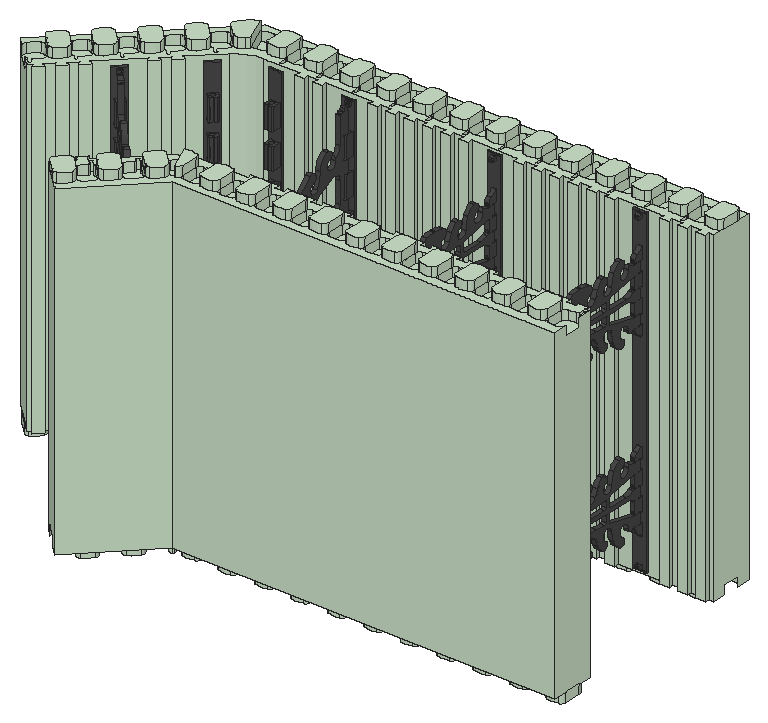
Revit family (continued)
Definition of nested family "NUDURA Diamond Pattern"
  Lines and regions (in)
    model lines
      curve 70: line (3.69709, -5.625, 11.85858) -> (3.35367, -5.625, 11.51517)
      curve 71: arc (4.17062, -5.625, 11.80178) -> (3.99384, -5.625, 11.875) -> (3.81706, -5.625, 11.80178) r 0.25
      curve 72: line (3.81706, -5.625, 11.80178) -> (3.44206, -5.625, 11.42678)
      curve 73: arc (3.44206, -5.625, 11.42678) -> (3.36884, -5.625, 11.25) -> (3.44206, -5.625, 11.07322) r 0.25
      curve 74: line (3.44206, -5.625, 11.07322) -> (3.81706, -5.625, 10.69822)
      curve 75: arc (3.81706, -5.625, 10.69822) -> (3.99384, -5.625, 10.625) -> (4.17062, -5.625, 10.69822) r 0.25
      curve 76: line (4.17062, -5.625, 10.69822) -> (4.54562, -5.625, 11.07322)
      curve 77: arc (4.54562, -5.625, 11.07322) -> (4.61884, -5.625, 11.25) -> (4.54562, -5.625, 11.42678) r 0.25
      curve 78: line (4.54562, -5.625, 11.42678) -> (4.17062, -5.625, 11.80178)
      curve 79: arc (3.69709, -5.625, 10.35858) -> (3.75567, -5.625, 10.5) -> (3.69709, -5.625, 10.64142) r 0.2
      curve 80: line (4.634, -5.625, 10.01517) -> (4.29059, -5.625, 10.35858)
      curve 81: arc (4.634, -5.625, 9.48484) -> (4.74384, -5.625, 9.75) -> (4.634, -5.625, 10.01517) r 0.375
      curve 82: line (4.29059, -5.625, 9.14142) -> (4.634, -5.625, 9.48484)
      curve 83: line (3.35367, -5.625, 9.48484) -> (3.69709, -5.625, 9.14142)
      curve 84: arc (3.35367, -5.625, 10.01517) -> (3.24384, -5.625, 9.75) -> (3.35367, -5.625, 9.48484) r 0.375
      curve 85: line (3.69709, -5.625, 10.35858) -> (3.35367, -5.625, 10.01517)
      curve 86: arc (4.17062, -5.625, 10.30178) -> (3.99384, -5.625, 10.375) -> (3.81706, -5.625, 10.30178) r 0.25
      curve 87: line (3.81706, -5.625, 10.30178) -> (3.44206, -5.625, 9.92678)
      curve 88: arc (3.44206, -5.625, 9.92678) -> (3.36884, -5.625, 9.75) -> (3.44206, -5.625, 9.57322) r 0.25
      curve 89: line (3.44206, -5.625, 9.57322) -> (3.81706, -5.625, 9.19822)
      curve 90: arc (3.81706, -5.625, 9.19822) -> (3.99384, -5.625, 9.125) -> (4.17062, -5.625, 9.19822) r 0.25
      curve 91: line (4.17062, -5.625, 9.19822) -> (4.54562, -5.625, 9.57322)
      curve 92: arc (4.54562, -5.625, 9.57322) -> (4.61884, -5.625, 9.75) -> (4.54562, -5.625, 9.92678) r 0.25
      curve 93: line (4.54562, -5.625, 9.92678) -> (4.17062, -5.625, 10.30178)
      curve 94: arc (3.69709, -5.625, 8.85858) -> (3.75567, -5.625, 9) -> (3.69709, -5.625, 9.14142) r 0.2
      curve 95: line (4.634, -5.625, 8.51517) -> (4.29059, -5.625, 8.85858)
      curve 96: arc (4.634, -5.625, 7.98484) -> (4.74384, -5.625, 8.25) -> (4.634, -5.625, 8.51517) r 0.375
      curve 97: line (4.29059, -5.625, 7.64142) -> (4.634, -5.625, 7.98484)
      curve 98: line (3.35367, -5.625, 7.98484) -> (3.69709, -5.625, 7.64142)
      curve 99: arc (3.35367, -5.625, 8.51517) -> (3.24384, -5.625, 8.25) -> (3.35367, -5.625, 7.98484) r 0.375
      curve 100: line (3.69709, -5.625, 8.85858) -> (3.35367, -5.625, 8.51517)
      curve 101: arc (4.17062, -5.625, 8.80178) -> (3.99384, -5.625, 8.875) -> (3.81706, -5.625, 8.80178) r 0.25
      curve 102: line (3.81706, -5.625, 8.80178) -> (3.44206, -5.625, 8.42678)
      curve 103: arc (3.44206, -5.625, 8.42678) -> (3.36884, -5.625, 8.25) -> (3.44206, -5.625, 8.07322) r 0.25
      curve 104: line (3.44206, -5.625, 8.07322) -> (3.81706, -5.625, 7.69822)
      curve 105: arc (3.81706, -5.625, 7.69822) -> (3.99384, -5.625, 7.625) -> (4.17062, -5.625, 7.69822) r 0.25
      curve 106: line (4.17062, -5.625, 7.69822) -> (4.54562, -5.625, 8.07322)
      curve 107: arc (4.54562, -5.625, 8.07322) -> (4.61884, -5.625, 8.25) -> (4.54562, -5.625, 8.42678) r 0.25
      curve 108: line (4.54562, -5.625, 8.42678) -> (4.17062, -5.625, 8.80178)
      curve 109: arc (3.69709, -5.625, 7.35858) -> (3.75567, -5.625, 7.5) -> (3.69709, -5.625, 7.64142) r 0.2
      curve 110: line (4.634, -5.625, 7.01517) -> (4.29059, -5.625, 7.35858)
      curve 111: arc (4.634, -5.625, 6.48484) -> (4.74384, -5.625, 6.75) -> (4.634, -5.625, 7.01517) r 0.375
      curve 112: line (4.29059, -5.625, 6.14142) -> (4.634, -5.625, 6.48484)
      curve 113: line (3.35367, -5.625, 6.48484) -> (3.69709, -5.625, 6.14142)
      curve 114: arc (3.35367, -5.625, 7.01517) -> (3.24384, -5.625, 6.75) -> (3.35367, -5.625, 6.48484) r 0.375
      curve 115: line (3.69709, -5.625, 7.35858) -> (3.35367, -5.625, 7.01517)
      curve 116: arc (4.17062, -5.625, 7.30178) -> (3.99384, -5.625, 7.375) -> (3.81706, -5.625, 7.30178) r 0.25
      curve 117: line (3.81706, -5.625, 7.30178) -> (3.44206, -5.625, 6.92678)
      curve 118: arc (3.44206, -5.625, 6.92678) -> (3.36884, -5.625, 6.75) -> (3.44206, -5.625, 6.57322) r 0.25
      curve 119: line (3.44206, -5.625, 6.57322) -> (3.81706, -5.625, 6.19822)
      curve 120: arc (3.81706, -5.625, 6.19822) -> (3.99384, -5.625, 6.125) -> (4.17062, -5.625, 6.19822) r 0.25
      curve 121: line (4.17062, -5.625, 6.19822) -> (4.54562, -5.625, 6.57322)
      curve 122: arc (4.54562, -5.625, 6.57322) -> (4.61884, -5.625, 6.75) -> (4.54562, -5.625, 6.92678) r 0.25
      curve 123: line (4.54562, -5.625, 6.92678) -> (4.17062, -5.625, 7.30178)
      curve 124: arc (3.69709, -5.625, 5.85858) -> (3.75567, -5.625, 6) -> (3.69709, -5.625, 6.14142) r 0.2
      curve 125: line (4.634, -5.625, 5.51517) -> (4.29059, -5.625, 5.85858)
      curve 126: arc (4.634, -5.625, 4.98484) -> (4.74384, -5.625, 5.25) -> (4.634, -5.625, 5.51517) r 0.375
      curve 127: line (4.29059, -5.625, 4.64142) -> (4.634, -5.625, 4.98484)
      curve 128: line (3.35367, -5.625, 4.98484) -> (3.69709, -5.625, 4.64142)
      curve 129: arc (3.35367, -5.625, 5.51517) -> (3.24384, -5.625, 5.25) -> (3.35367, -5.625, 4.98484) r 0.375
      curve 130: line (3.69709, -5.625, 5.85858) -> (3.35367, -5.625, 5.51517)
      curve 131: arc (4.17062, -5.625, 5.80178) -> (3.99384, -5.625, 5.875) -> (3.81706, -5.625, 5.80178) r 0.25
      curve 132: line (3.81706, -5.625, 5.80178) -> (3.44206, -5.625, 5.42678)
      curve 133: arc (3.44206, -5.625, 5.42678) -> (3.36884, -5.625, 5.25) -> (3.44206, -5.625, 5.07322) r 0.25
      curve 134: line (3.44206, -5.625, 5.07322) -> (3.81706, -5.625, 4.69822)
      curve 135: arc (3.81706, -5.625, 4.69822) -> (3.99384, -5.625, 4.625) -> (4.17062, -5.625, 4.69822) r 0.25
      curve 136: line (4.17062, -5.625, 4.69822) -> (4.54562, -5.625, 5.07322)
      curve 137: arc (4.54562, -5.625, 5.07322) -> (4.61884, -5.625, 5.25) -> (4.54562, -5.625, 5.42678) r 0.25
      curve 138: line (4.54562, -5.625, 5.42678) -> (4.17062, -5.625, 5.80178)
      curve 139: arc (3.69709, -5.625, 4.35858) -> (3.75567, -5.625, 4.5) -> (3.69709, -5.625, 4.64142) r 0.2
      curve 140: line (4.634, -5.625, 4.01517) -> (4.29059, -5.625, 4.35858)
      curve 141: arc (4.634, -5.625, 3.48484) -> (4.74384, -5.625, 3.75) -> (4.634, -5.625, 4.01517) r 0.375
      curve 142: line (4.29059, -5.625, 3.14142) -> (4.634, -5.625, 3.48484)
      curve 143: line (3.35367, -5.625, 3.48484) -> (3.69709, -5.625, 3.14142)
      curve 144: arc (3.35367, -5.625, 4.01517) -> (3.24384, -5.625, 3.75) -> (3.35367, -5.625, 3.48484) r 0.375
      curve 145: line (3.69709, -5.625, 4.35858) -> (3.35367, -5.625, 4.01517)
      curve 146: arc (4.17062, -5.625, 4.30178) -> (3.99384, -5.625, 4.375) -> (3.81706, -5.625, 4.30178) r 0.25
      curve 147: line (3.81706, -5.625, 4.30178) -> (3.44206, -5.625, 3.92678)
      curve 148: arc (3.44206, -5.625, 3.92678) -> (3.36884, -5.625, 3.75) -> (3.44206, -5.625, 3.57322) r 0.25
      curve 149: line (3.44206, -5.625, 3.57322) -> (3.81706, -5.625, 3.19822)
      curve 150: arc (3.81706, -5.625, 3.19822) -> (3.99384, -5.625, 3.125) -> (4.17062, -5.625, 3.19822) r 0.25
      curve 151: line (4.17062, -5.625, 3.19822) -> (4.54562, -5.625, 3.57322)
      curve 152: arc (4.54562, -5.625, 3.57322) -> (4.61884, -5.625, 3.75) -> (4.54562, -5.625, 3.92678) r 0.25
      curve 153: line (4.54562, -5.625, 3.92678) -> (4.17062, -5.625, 4.30178)
      curve 154: arc (3.69709, -5.625, 2.85858) -> (3.75567, -5.625, 3) -> (3.69709, -5.625, 3.14142) r 0.2
      curve 155: line (4.634, -5.625, 2.51517) -> (4.29059, -5.625, 2.85858)
      curve 156: arc (4.634, -5.625, 1.98484) -> (4.74384, -5.625, 2.25) -> (4.634, -5.625, 2.51517) r 0.375
      curve 157: line (4.29059, -5.625, 1.64142) -> (4.634, -5.625, 1.98484)
      curve 158: line (3.35367, -5.625, 1.98484) -> (3.69709, -5.625, 1.64142)
      curve 159: arc (3.35367, -5.625, 2.51517) -> (3.24384, -5.625, 2.25) -> (3.35367, -5.625, 1.98484) r 0.375
      curve 160: line (3.69709, -5.625, 2.85858) -> (3.35367, -5.625, 2.51517)
      curve 161: arc (4.17062, -5.625, 2.80178) -> (3.99384, -5.625, 2.875) -> (3.81706, -5.625, 2.80178) r 0.25
      curve 162: line (3.81706, -5.625, 2.80178) -> (3.44206, -5.625, 2.42678)
      curve 163: arc (3.44206, -5.625, 2.42678) -> (3.36884, -5.625, 2.25) -> (3.44206, -5.625, 2.07322) r 0.25
      curve 164: line (3.44206, -5.625, 2.07322) -> (3.81706, -5.625, 1.69822)
      curve 165: arc (3.81706, -5.625, 1.69822) -> (3.99384, -5.625, 1.625) -> (4.17062, -5.625, 1.69822) r 0.25
      curve 166: line (4.17062, -5.625, 1.69822) -> (4.54562, -5.625, 2.07322)
      curve 167: arc (4.54562, -5.625, 2.07322) -> (4.61884, -5.625, 2.25) -> (4.54562, -5.625, 2.42678) r 0.25
      curve 168: line (4.54562, -5.625, 2.42678) -> (4.17062, -5.625, 2.80178)
      curve 169: arc (3.69709, -5.625, 1.35858) -> (3.75567, -5.625, 1.5) -> (3.69709, -5.625, 1.64142) r 0.2
      curve 170: line (3.69709, -5.625, 1.35858) -> (3.35367, -5.625, 1.01517)
      curve 171: arc (3.35367, -5.625, 1.01517) -> (3.24384, -5.625, 0.75) -> (3.35367, -5.625, 0.48484) r 0.375
      curve 172: line (3.35367, -5.625, 0.48484) -> (3.72867, -5.625, 0.10984)
      curve 173: arc (3.72867, -5.625, 0.10984) -> (3.99384, -5.625, 0) -> (4.259, -5.625, 0.10984) r 0.375
      curve 174: line (4.259, -5.625, 0.10984) -> (4.634, -5.625, 0.48484)
      curve 175: arc (4.634, -5.625, 0.48484) -> (4.74384, -5.625, 0.75) -> (4.634, -5.625, 1.01517) r 0.375
      curve 176: line (4.634, -5.625, 1.01517) -> (4.29059, -5.625, 1.35858)
      curve 177: arc (4.29059, -5.625, 1.64142) -> (4.23201, -5.625, 1.5) -> (4.29059, -5.625, 1.35858) r 0.2
      curve 178: arc (4.17062, -5.625, 1.30178) -> (3.99384, -5.625, 1.375) -> (3.81706, -5.625, 1.30178) r 0.25
      curve 179: line (4.54562, -5.625, 0.92678) -> (4.17062, -5.625, 1.30178)
      curve 180: arc (4.54562, -5.625, 0.57322) -> (4.61884, -5.625, 0.75) -> (4.54562, -5.625, 0.92678) r 0.25
      curve 181: line (4.17062, -5.625, 0.19822) -> (4.54562, -5.625, 0.57322)
      curve 182: arc (3.81706, -5.625, 0.19822) -> (3.99384, -5.625, 0.125) -> (4.17062, -5.625, 0.19822) r 0.25
      curve 183: line (3.44206, -5.625, 0.57322) -> (3.81706, -5.625, 0.19822)
      curve 184: arc (3.44206, -5.625, 0.92678) -> (3.36884, -5.625, 0.75) -> (3.44206, -5.625, 0.57322) r 0.25
      curve 185: line (3.81706, -5.625, 1.30178) -> (3.44206, -5.625, 0.92678)
      curve 186: arc (4.29059, -5.625, 3.14142) -> (4.23201, -5.625, 3) -> (4.29059, -5.625, 2.85858) r 0.2
      curve 187: arc (4.29059, -5.625, 4.64142) -> (4.23201, -5.625, 4.5) -> (4.29059, -5.625, 4.35858) r 0.2
      curve 188: arc (4.29059, -5.625, 6.14142) -> (4.23201, -5.625, 6) -> (4.29059, -5.625, 5.85858) r 0.2
      curve 189: arc (4.29059, -5.625, 7.64142) -> (4.23201, -5.625, 7.5) -> (4.29059, -5.625, 7.35858) r 0.2
      curve 190: arc (4.29059, -5.625, 9.14142) -> (4.23201, -5.625, 9) -> (4.29059, -5.625, 8.85858) r 0.2
      curve 191: arc (4.29059, -5.625, 10.64142) -> (4.23201, -5.625, 10.5) -> (4.29059, -5.625, 10.35858) r 0.2
      curve 192: arc (4.29059, -5.625, 12.14142) -> (4.23201, -5.625, 12) -> (4.29059, -5.625, 11.85858) r 0.2
      curve 193: arc (4.29059, -5.625, 13.64142) -> (4.23201, -5.625, 13.5) -> (4.29059, -5.625, 13.35858) r 0.2
      curve 194: arc (4.29059, -5.625, 15.14142) -> (4.23201, -5.625, 15) -> (4.29059, -5.625, 14.85858) r 0.2
      curve 195: arc (4.29059, -5.625, 16.64142) -> (4.23201, -5.625, 16.5) -> (4.29059, -5.625, 16.35858) r 0.2
Definition of nested family "NUDURA Logo Diamond"
  Reference planes (in)
    plane 1 "Center (Front/Back)": y = 0
    plane 2: z = 0
    plane 3 "Center (Left/Right)": x = 0
  Lines and regions (in)
    model lines
      curve 1: line (12.59848, 0, 17.50104) -> (12.24492, 0, 17.85459)
      curve 2: line (12.36113, 0, 16.76872) -> (12.59848, 0, 17.00607)
      curve 3: line (12.59848, 0, 16.00104) -> (12.36113, 0, 16.23839)
      curve 4: line (12.36113, 0, 15.26872) -> (12.59848, 0, 15.50607)
      curve 5: line (12.59848, 0, 14.50104) -> (12.36113, 0, 14.73839)
      curve 6: line (12.36113, 0, 13.76872) -> (12.59848, 0, 14.00607)
      curve 7: line (12.17421, 0, 13.28388) -> (12.71208, 0, 12.74602)
      curve 8: line (12.71208, 0, 12.74602) -> (12.78279, 0, 12.81673)
      curve 9: line (11.28279, 0, 12.74602) -> (11.82066, 0, 13.28388)
      curve 10: line (11.63374, 0, 13.23839) -> (11.21208, 0, 12.81673)
      curve 11: line (11.3964, 0, 14.00607) -> (11.63374, 0, 13.76872)
      curve 12: line (11.63374, 0, 14.73839) -> (11.3964, 0, 14.50104)
      curve 13: line (11.3964, 0, 15.50607) -> (11.63374, 0, 15.26872)
      curve 14: line (11.63374, 0, 16.23839) -> (11.3964, 0, 16.00104)
      curve 15: line (11.3964, 0, 17.00607) -> (11.63374, 0, 16.76872)
      curve 16: line (11.74995, 0, 17.85459) -> (11.3964, 0, 17.50104)
      curve 17: line (11.82066, 0, 17.78388) -> (11.46711, 0, 17.43033)
      curve 18: line (12.52777, 0, 17.43033) -> (12.17421, 0, 17.78388)
      curve 19: line (12.17421, 0, 16.72322) -> (12.52777, 0, 17.07678)
      curve 20: line (11.46711, 0, 17.07678) -> (11.82066, 0, 16.72322)
      curve 21: arc (11.3964, 0, 17.50104) -> (11.29388, 0, 17.25355) -> (11.3964, 0, 17.00607) r 0.35
      curve 22: arc (11.74995, 0, 17.85459) -> (11.99744, 0, 17.95711) -> (12.24492, 0, 17.85459) r 0.35
      curve 23: arc (11.46711, 0, 17.43033) -> (11.39388, 0, 17.25355) -> (11.46711, 0, 17.07678) r 0.25
      curve 24: arc (12.52777, 0, 17.43033) -> (12.60099, 0, 17.25355) -> (12.52777, 0, 17.07678) r 0.25
      curve 25: arc (12.17421, 0, 16.72322) -> (11.99744, 0, 16.65) -> (11.82066, 0, 16.72322) r 0.25
      curve 26: arc (11.82066, 0, 17.78388) -> (11.99744, 0, 17.85711) -> (12.17421, 0, 17.78388) r 0.25
      curve 27: arc (12.59848, 0, 17.50104) -> (12.70099, 0, 17.25355) -> (12.59848, 0, 17.00607) r 0.35
      curve 28: arc (11.63374, 0, 16.76872) -> (11.74358, 0, 16.50355) -> (11.63374, 0, 16.23839) r 0.375
      curve 29: arc (12.36113, 0, 16.76872) -> (12.2513, 0, 16.50355) -> (12.36113, 0, 16.23839) r 0.375
      curve 30: line (12.36113, 0, 15.26872) -> (12.59848, 0, 15.50607)
      curve 31: line (11.3964, 0, 15.50607) -> (11.63374, 0, 15.26872)
      curve 32: line (11.82066, 0, 16.28388) -> (11.46711, 0, 15.93033)
      curve 33: line (12.52777, 0, 15.93033) -> (12.17421, 0, 16.28388)
      curve 34: line (12.17421, 0, 15.22322) -> (12.52777, 0, 15.57678)
      curve 35: line (11.46711, 0, 15.57678) -> (11.82066, 0, 15.22322)
      curve 36: arc (11.3964, 0, 16.00104) -> (11.29388, 0, 15.75355) -> (11.3964, 0, 15.50607) r 0.35
      curve 37: arc (11.46711, 0, 15.93033) -> (11.39388, 0, 15.75355) -> (11.46711, 0, 15.57678) r 0.25
      curve 38: arc (12.52777, 0, 15.93033) -> (12.60099, 0, 15.75355) -> (12.52777, 0, 15.57678) r 0.25
      curve 39: arc (12.17421, 0, 15.22322) -> (11.99744, 0, 15.15) -> (11.82066, 0, 15.22322) r 0.25
      curve 40: arc (11.82066, 0, 16.28388) -> (11.99744, 0, 16.35711) -> (12.17421, 0, 16.28388) r 0.25
      curve 41: arc (12.59848, 0, 16.00104) -> (12.70099, 0, 15.75355) -> (12.59848, 0, 15.50607) r 0.35
      curve 42: line (11.63374, 0, 16.23839) -> (11.3964, 0, 16.00104)
      curve 43: line (12.59848, 0, 16.00104) -> (12.36113, 0, 16.23839)
      curve 44: arc (11.63374, 0, 15.26872) -> (11.74358, 0, 15.00355) -> (11.63374, 0, 14.73839) r 0.375
      curve 45: arc (12.36113, 0, 15.26872) -> (12.2513, 0, 15.00355) -> (12.36113, 0, 14.73839) r 0.375
      curve 46: line (12.36113, 0, 13.76872) -> (12.59848, 0, 14.00607)
      curve 47: line (11.3964, 0, 14.00607) -> (11.63374, 0, 13.76872)
      curve 48: line (11.82066, 0, 14.78388) -> (11.46711, 0, 14.43033)
      curve 49: line (12.52777, 0, 14.43033) -> (12.17421, 0, 14.78388)
      curve 50: line (12.17421, 0, 13.72322) -> (12.52777, 0, 14.07678)
      curve 51: line (11.46711, 0, 14.07678) -> (11.82066, 0, 13.72322)
      curve 52: arc (11.3964, 0, 14.50104) -> (11.29388, 0, 14.25355) -> (11.3964, 0, 14.00607) r 0.35
      curve 53: arc (11.46711, 0, 14.43033) -> (11.39388, 0, 14.25355) -> (11.46711, 0, 14.07678) r 0.25
      curve 54: arc (12.52777, 0, 14.43033) -> (12.60099, 0, 14.25355) -> (12.52777, 0, 14.07678) r 0.25
      curve 55: arc (12.17421, 0, 13.72322) -> (11.99744, 0, 13.65) -> (11.82066, 0, 13.72322) r 0.25
      curve 56: arc (11.82066, 0, 14.78388) -> (11.99744, 0, 14.85711) -> (12.17421, 0, 14.78388) r 0.25
      curve 57: arc (12.59848, 0, 14.50104) -> (12.70099, 0, 14.25355) -> (12.59848, 0, 14.00607) r 0.35
      curve 58: line (11.63374, 0, 14.73839) -> (11.3964, 0, 14.50104)
      curve 59: arc (11.63374, 0, 13.76872) -> (11.74358, 0, 13.50355) -> (11.63374, 0, 13.23839) r 0.375
      curve 60: arc (12.36113, 0, 13.76872) -> (12.2513, 0, 13.50355) -> (12.36113, 0, 13.23839) r 0.375
      curve 61: line (12.78279, 0, 12.81673) -> (12.36113, 0, 13.23839)
      curve 62: line (11.21208, 0, 12.81673) -> (11.28279, 0, 12.74602)
      curve 63: arc (11.82066, 0, 13.28388) -> (11.99744, 0, 13.35711) -> (12.17421, 0, 13.28388) r 0.25
      curve 64: line (12.59848, 0, 0.50607) -> (12.24492, 0, 0.15251)
      curve 65: line (12.36113, 0, 1.23839) -> (12.59848, 0, 1.00104)
      curve 66: line (12.59848, 0, 2.00607) -> (12.36113, 0, 1.76872)
      curve 67: line (12.36113, 0, 2.73839) -> (12.59848, 0, 2.50104)
      curve 68: line (12.59848, 0, 3.50607) -> (12.36113, 0, 3.26872)
      curve 69: line (12.36113, 0, 4.23839) -> (12.59848, 0, 4.00104)
      curve 70: line (12.17421, 0, 4.72322) -> (12.71208, 0, 5.26109)
      curve 71: line (12.71208, 0, 5.26109) -> (12.78279, 0, 5.19038)
      curve 72: line (11.28279, 0, 5.26109) -> (11.82066, 0, 4.72322)
      curve 73: line (11.63374, 0, 4.76872) -> (11.21208, 0, 5.19038)
      curve 74: line (11.3964, 0, 4.00104) -> (11.63374, 0, 4.23839)
      curve 75: line (11.63374, 0, 3.26872) -> (11.3964, 0, 3.50607)
      curve 76: line (11.3964, 0, 2.50104) -> (11.63374, 0, 2.73839)
      curve 77: line (11.63374, 0, 1.76872) -> (11.3964, 0, 2.00607)
      curve 78: line (11.3964, 0, 1.00104) -> (11.63374, 0, 1.23839)
      curve 79: line (11.74995, 0, 0.15251) -> (11.3964, 0, 0.50607)
      curve 80: line (11.82066, 0, 0.22322) -> (11.46711, 0, 0.57678)
      curve 81: line (12.52777, 0, 0.57678) -> (12.17421, 0, 0.22322)
      curve 82: line (12.17421, 0, 1.28388) -> (12.52777, 0, 0.93033)
      curve 83: line (11.46711, 0, 0.93033) -> (11.82066, 0, 1.28388)
      curve 84: arc (11.3964, 0, 0.50607) -> (11.29388, 0, 0.75355) -> (11.3964, 0, 1.00104) r 0.35
      curve 85: arc (11.74995, 0, 0.15251) -> (11.99744, 0, 0.05) -> (12.24492, 0, 0.15251) r 0.35
      curve 86: arc (11.46711, 0, 0.57678) -> (11.39388, 0, 0.75355) -> (11.46711, 0, 0.93033) r 0.25
      curve 87: arc (12.52777, 0, 0.57678) -> (12.60099, 0, 0.75355) -> (12.52777, 0, 0.93033) r 0.25
      curve 88: arc (12.17421, 0, 1.28388) -> (11.99744, 0, 1.35711) -> (11.82066, 0, 1.28388) r 0.25
      curve 89: arc (11.82066, 0, 0.22322) -> (11.99744, 0, 0.15) -> (12.17421, 0, 0.22322) r 0.25
      curve 90: arc (12.59848, 0, 0.50607) -> (12.70099, 0, 0.75355) -> (12.59848, 0, 1.00104) r 0.35
      curve 91: arc (11.63374, 0, 1.23839) -> (11.74358, 0, 1.50355) -> (11.63374, 0, 1.76872) r 0.375
      curve 92: arc (12.36113, 0, 1.23839) -> (12.2513, 0, 1.50355) -> (12.36113, 0, 1.76872) r 0.375
      curve 93: line (12.36113, 0, 2.73839) -> (12.59848, 0, 2.50104)
      curve 94: line (11.3964, 0, 2.50104) -> (11.63374, 0, 2.73839)
      curve 95: line (11.82066, 0, 1.72322) -> (11.46711, 0, 2.07678)
      curve 96: line (12.52777, 0, 2.07678) -> (12.17421, 0, 1.72322)
      curve 97: line (12.17421, 0, 2.78388) -> (12.52777, 0, 2.43033)
      curve 98: line (11.46711, 0, 2.43033) -> (11.82066, 0, 2.78388)
      curve 99: arc (11.3964, 0, 2.00607) -> (11.29388, 0, 2.25355) -> (11.3964, 0, 2.50104) r 0.35
      curve 100: arc (11.46711, 0, 2.07678) -> (11.39388, 0, 2.25355) -> (11.46711, 0, 2.43033) r 0.25
      curve 101: arc (12.52777, 0, 2.07678) -> (12.60099, 0, 2.25355) -> (12.52777, 0, 2.43033) r 0.25
      curve 102: arc (12.17421, 0, 2.78388) -> (11.99744, 0, 2.85711) -> (11.82066, 0, 2.78388) r 0.25
      curve 103: arc (11.82066, 0, 1.72322) -> (11.99744, 0, 1.65) -> (12.17421, 0, 1.72322) r 0.25
      curve 104: arc (12.59848, 0, 2.00607) -> (12.70099, 0, 2.25355) -> (12.59848, 0, 2.50104) r 0.35
      curve 105: line (11.63374, 0, 1.76872) -> (11.3964, 0, 2.00607)
      curve 106: line (12.59848, 0, 2.00607) -> (12.36113, 0, 1.76872)
      curve 107: arc (11.63374, 0, 2.73839) -> (11.74358, 0, 3.00355) -> (11.63374, 0, 3.26872) r 0.375
      curve 108: arc (12.36113, 0, 2.73839) -> (12.2513, 0, 3.00355) -> (12.36113, 0, 3.26872) r 0.375
      curve 109: line (12.36113, 0, 4.23839) -> (12.59848, 0, 4.00104)
      curve 110: line (11.3964, 0, 4.00104) -> (11.63374, 0, 4.23839)
      curve 111: line (11.82066, 0, 3.22322) -> (11.46711, 0, 3.57678)
      curve 112: line (12.52777, 0, 3.57678) -> (12.17421, 0, 3.22322)
      curve 113: line (12.17421, 0, 4.28388) -> (12.52777, 0, 3.93033)
      curve 114: line (11.46711, 0, 3.93033) -> (11.82066, 0, 4.28388)
      curve 115: arc (11.3964, 0, 3.50607) -> (11.29388, 0, 3.75355) -> (11.3964, 0, 4.00104) r 0.35
      curve 116: arc (11.46711, 0, 3.57678) -> (11.39388, 0, 3.75355) -> (11.46711, 0, 3.93033) r 0.25
      curve 117: arc (12.52777, 0, 3.57678) -> (12.60099, 0, 3.75355) -> (12.52777, 0, 3.93033) r 0.25
      curve 118: arc (12.17421, 0, 4.28388) -> (11.99744, 0, 4.35711) -> (11.82066, 0, 4.28388) r 0.25
      curve 119: arc (11.82066, 0, 3.22322) -> (11.99744, 0, 3.15) -> (12.17421, 0, 3.22322) r 0.25
      curve 120: arc (12.59848, 0, 3.50607) -> (12.70099, 0, 3.75355) -> (12.59848, 0, 4.00104) r 0.35
      curve 121: line (11.63374, 0, 3.26872) -> (11.3964, 0, 3.50607)
      curve 122: arc (11.63374, 0, 4.23839) -> (11.74358, 0, 4.50355) -> (11.63374, 0, 4.76872) r 0.375
      curve 123: arc (12.36113, 0, 4.23839) -> (12.2513, 0, 4.50355) -> (12.36113, 0, 4.76872) r 0.375
      curve 124: line (12.78279, 0, 5.19038) -> (12.36113, 0, 4.76872)
      curve 125: line (11.21208, 0, 5.19038) -> (11.28279, 0, 5.26109)
      curve 126: arc (11.82066, 0, 4.72322) -> (11.99744, 0, 4.65) -> (12.17421, 0, 4.72322) r 0.25
      curve 127: line (12.37244, 0, 12.50355) -> (11.62244, 0, 12.50355)
      curve 128: line (12.74744, 0, 5.87855) -> (12.74744, 0, 12.12855)
      curve 129: line (11.24744, 0, 12.12855) -> (11.24744, 0, 5.87855)
      curve 130: line (11.62244, 0, 5.50355) -> (12.37244, 0, 5.50355)
      curve 131: line (12.47232, 0, 12.00355) -> (12.0393, 0, 12.25355)
      curve 132: line (12.47232, 0, 11.50355) -> (12.47232, 0, 12.00355)
      curve 133: line (12.25581, 0, 11.37855) -> (12.47232, 0, 11.50355)
      curve 134: line (12.02256, 0, 11.51322) -> (12.25581, 0, 11.37855)
      curve 135: line (12.22232, 0, 11.62855) -> (12.02256, 0, 11.51322)
      curve 136: line (11.80605, 0, 12.11888) -> (12.22232, 0, 11.87855)
      curve 137: line (12.22232, 0, 11.87855) -> (12.22232, 0, 11.62855)
      curve 138: line (12.0393, 0, 12.25355) -> (11.80605, 0, 12.11888)
      curve 139: line (11.77256, 0, 11.63822) -> (11.97232, 0, 11.75355)
      curve 140: line (11.97232, 0, 11.75355) -> (11.73906, 0, 11.88822)
      curve 141: line (11.73906, 0, 11.88822) -> (11.52256, 0, 11.76322)
      curve 142: line (11.52256, 0, 11.76322) -> (11.52256, 0, 11.26322)
      curve 143: line (11.77256, 0, 11.38822) -> (11.77256, 0, 11.63822)
      curve 144: line (12.18882, 0, 11.14789) -> (11.77256, 0, 11.38822)
      curve 145: line (11.95557, 0, 11.01322) -> (12.18882, 0, 11.14789)
      curve 146: line (11.52256, 0, 11.26322) -> (11.95557, 0, 11.01322)
      curve 147: line (12.31108, 0, 10.60411) -> (11.68379, 0, 10.74458)
      curve 148: line (11.68379, 0, 10.74458) -> (11.68379, 0, 10.51321)
      curve 149: line (11.68379, 0, 10.51321) -> (12.1295, 0, 10.41405)
      curve 150: line (12.1295, 0, 10.41405) -> (11.68379, 0, 10.27358)
      curve 151: line (11.68379, 0, 10.27358) -> (11.68379, 0, 9.8852)
      curve 152: line (11.68379, 0, 9.8852) -> (12.17077, 0, 9.77615)
      curve 153: line (12.17077, 0, 9.77615) -> (12.17077, 0, 9.74472)
      curve 154: line (12.17077, 0, 9.74472) -> (11.86146, 0, 9.80279)
      curve 155: line (11.68379, 0, 9.65536) -> (11.68379, 0, 9.35864)
      curve 156: line (12.07077, 0, 8.74385) -> (12.07077, 0, 8.99996)
      curve 157: line (12.07077, 0, 8.99996) -> (11.68379, 0, 9.08605)
      curve 158: line (11.68379, 0, 9.08605) -> (11.68379, 0, 8.47809)
      curve 159: line (11.91823, 0, 9.06589) -> (12.31108, 0, 8.97792)
      curve 160: line (11.82444, 0, 8.55476) -> (11.82444, 0, 8.79865)
      curve 161: line (11.82444, 0, 8.79865) -> (12.07077, 0, 8.74385)
      curve 162: line (11.68379, 0, 8.07193) -> (11.68379, 0, 7.77522)
      curve 163: line (11.91823, 0, 7.48247) -> (12.21108, 0, 7.41688)
      curve 164: line (12.21108, 0, 7.41688) -> (12.21108, 0, 6.95405)
      curve 165: line (12.16108, 0, 6.90405) -> (12.12077, 0, 6.90405)
      curve 166: line (12.07077, 0, 6.95405) -> (12.07077, 0, 7.08675)
      curve 167: line (12.07077, 0, 7.08675) -> (12.12077, 0, 7.07556)
      curve 168: line (12.12077, 0, 7.07556) -> (12.12077, 0, 7.33463)
      curve 169: line (12.12077, 0, 7.33463) -> (11.68379, 0, 7.43249)
      curve 170: line (11.68379, 0, 7.43249) -> (11.68379, 0, 7.17341)
      curve 171: line (11.68379, 0, 7.17341) -> (11.97077, 0, 7.10915)
      curve 172: line (11.97077, 0, 7.10915) -> (11.97077, 0, 6.99425)
      curve 173: line (11.92077, 0, 6.94425) -> (11.68379, 0, 6.94425)
      curve 174: line (11.68379, 0, 6.94425) -> (11.68379, 0, 6.45682)
      curve 175: line (11.68379, 0, 6.45682) -> (11.78284, 0, 6.38658)
      curve 176: line (11.78284, 0, 6.38658) -> (11.78284, 0, 6.05178)
      curve 177: line (12.12371, 0, 6.14486) -> (11.88284, 0, 6.31567)
      curve 178: line (11.88284, 0, 6.31567) -> (11.88284, 0, 6.07909)
      curve 179: line (11.88284, 0, 6.07909) -> (12.12371, 0, 6.14486)
      curve 180: line (11.78284, 0, 6.05178) -> (11.68379, 0, 6.02474)
      curve 181: line (11.68379, 0, 6.02474) -> (11.68379, 0, 5.75355)
      curve 182: line (11.68379, 0, 5.75355) -> (12.31108, 0, 5.92483)
      curve 183: line (12.31108, 0, 5.92483) -> (12.31108, 0, 6.28791)
      curve 184: line (12.31108, 0, 6.28791) -> (11.76249, 0, 6.67694)
      curve 185: line (11.76249, 0, 6.67694) -> (11.90321, 0, 6.67694)
      curve 186: line (12.31108, 0, 6.78674) -> (12.31108, 0, 7.63562)
      curve 187: line (12.31108, 0, 7.63562) -> (11.90258, 0, 7.7271)
      curve 188: line (11.82444, 0, 7.82469) -> (11.82444, 0, 7.92839)
      curve 189: line (11.88536, 0, 7.97718) -> (12.31108, 0, 7.88185)
      curve 190: line (12.31108, 0, 7.88185) -> (12.31108, 0, 8.13496)
      curve 191: line (12.31108, 0, 8.13496) -> (12.08042, 0, 8.17826)
      curve 192: line (12.31108, 0, 8.38353) -> (12.31108, 0, 8.9465)
      curve 193: line (12.31108, 0, 8.9465) -> (12.17077, 0, 8.97771)
      curve 194: line (12.17077, 0, 8.97771) -> (12.17077, 0, 8.55476)
      curve 195: line (12.31108, 0, 8.97792) -> (12.31108, 0, 9.21905)
      curve 196: line (12.31108, 0, 9.21905) -> (11.90258, 0, 9.31053)
      curve 197: line (11.82444, 0, 9.40811) -> (11.82444, 0, 9.51182)
      curve 198: line (11.87938, 0, 9.56195) -> (12.31108, 0, 9.46528)
      curve 199: line (12.31108, 0, 9.46528) -> (12.31108, 0, 9.98469)
      curve 200: line (12.31108, 0, 9.98469) -> (11.90664, 0, 10.07526)
      curve 201: line (11.90664, 0, 10.07526) -> (12.31108, 0, 10.20747)
      curve 202: line (12.31108, 0, 10.20747) -> (12.31108, 0, 10.60411)
      curve 203: arc (11.68379, 0, 9.65536) -> (11.73801, 0, 9.7708) -> (11.86146, 0, 9.80279) r 0.15
      curve 204: arc (11.68379, 0, 9.35864) -> (11.74962, 0, 9.17112) -> (11.91823, 0, 9.06589) r 0.3
      curve 205: arc (11.84417, 0, 8.22149) -> (11.72718, 0, 8.32679) -> (11.68379, 0, 8.47809) r 0.28547
      curve 206: arc (11.68379, 0, 8.07193) -> (11.73147, 0, 8.18158) -> (11.84417, 0, 8.22149) r 0.14992
      curve 207: arc (11.68379, 0, 7.77522) -> (11.74962, 0, 7.58769) -> (11.91823, 0, 7.48247) r 0.3
      curve 208: arc (11.82444, 0, 7.82469) -> (11.84638, 0, 7.76218) -> (11.90258, 0, 7.7271) r 0.1
      curve 209: arc (11.82444, 0, 7.92839) -> (11.84318, 0, 7.96742) -> (11.88536, 0, 7.97718) r 0.05
      curve 210: arc (12.12077, 0, 6.90405) -> (12.08541, 0, 6.91869) -> (12.07077, 0, 6.95405) r 0.05
      curve 211: arc (12.16108, 0, 6.90405) -> (12.19644, 0, 6.91869) -> (12.21108, 0, 6.95405) r 0.05
      curve 212: arc (11.97077, 0, 6.99425) -> (11.95612, 0, 6.95889) -> (11.92077, 0, 6.94425) r 0.05
      curve 213: arc (11.90321, 0, 6.67694) -> (11.96756, 0, 6.70069) -> (12.00104, 0, 6.76055) r 0.09904
      curve 214: arc (12.00104, 0, 6.76055) -> (12.1681, 0, 6.63117) -> (12.31108, 0, 6.78674) r 0.15613
      curve 215: arc (12.08042, 0, 8.17826) -> (12.24181, 0, 8.22914) -> (12.31108, 0, 8.38353) r 0.20667
      curve 216: arc (11.82444, 0, 8.55476) -> (11.9976, 0, 8.3816) -> (12.17077, 0, 8.55476) r 0.17317
      curve 217: arc (11.82444, 0, 9.40811) -> (11.84638, 0, 9.34561) -> (11.90258, 0, 9.31053) r 0.1
      curve 218: arc (11.82444, 0, 9.51182) -> (11.8459, 0, 9.55306) -> (11.892, 0, 9.55913) r 0.05034
      curve 219: arc (11.24744, 0, 12.12855) -> (11.35727, 0, 12.39372) -> (11.62244, 0, 12.50355) r 0.375
      curve 220: arc (12.37244, 0, 12.50355) -> (12.6376, 0, 12.39372) -> (12.74744, 0, 12.12855) r 0.375
      curve 221: arc (11.24744, 0, 5.87855) -> (11.35727, 0, 5.61339) -> (11.62244, 0, 5.50355) r 0.375
      curve 222: arc (12.37244, 0, 5.50355) -> (12.6376, 0, 5.61339) -> (12.74744, 0, 5.87855) r 0.375
      curve 223: line (9.99744, 0, 18) -> (9.99744, 0, 0)
      curve 224: line (13.99744, 0, 18) -> (13.99744, 0, 0)
      curve 225: line (15.99744, 0, 18) -> (15.99744, 0, 0)
Definition of nested family "NUDURA Logo Diamond Missing Outside Line"
  Reference planes (in)
    plane 1 "Center (Front/Back)": y = 0
    plane 2: z = 0
    plane 3 "Center (Left/Right)": x = 0
  Lines and regions (in)
    model lines
      curve 1: line (12.59848, 0, 17.50104) -> (12.24492, 0, 17.85459)
      curve 2: line (12.36113, 0, 16.76872) -> (12.59848, 0, 17.00607)
      curve 3: line (12.59848, 0, 16.00104) -> (12.36113, 0, 16.23839)
      curve 4: line (12.36113, 0, 15.26872) -> (12.59848, 0, 15.50607)
      curve 5: line (12.59848, 0, 14.50104) -> (12.36113, 0, 14.73839)
      curve 6: line (12.36113, 0, 13.76872) -> (12.59848, 0, 14.00607)
      curve 7: line (12.17421, 0, 13.28388) -> (12.71208, 0, 12.74602)
      curve 8: line (12.71208, 0, 12.74602) -> (12.78279, 0, 12.81673)
      curve 9: line (11.28279, 0, 12.74602) -> (11.82066, 0, 13.28388)
      curve 10: line (11.63374, 0, 13.23839) -> (11.21208, 0, 12.81673)
      curve 11: line (11.3964, 0, 14.00607) -> (11.63374, 0, 13.76872)
      curve 12: line (11.63374, 0, 14.73839) -> (11.3964, 0, 14.50104)
      curve 13: line (11.3964, 0, 15.50607) -> (11.63374, 0, 15.26872)
      curve 14: line (11.63374, 0, 16.23839) -> (11.3964, 0, 16.00104)
      curve 15: line (11.3964, 0, 17.00607) -> (11.63374, 0, 16.76872)
      curve 16: line (11.74995, 0, 17.85459) -> (11.3964, 0, 17.50104)
      curve 17: line (11.82066, 0, 17.78388) -> (11.46711, 0, 17.43033)
      curve 18: line (12.52777, 0, 17.43033) -> (12.17421, 0, 17.78388)
      curve 19: line (12.17421, 0, 16.72322) -> (12.52777, 0, 17.07678)
      curve 20: line (11.46711, 0, 17.07678) -> (11.82066, 0, 16.72322)
      curve 21: arc (11.3964, 0, 17.50104) -> (11.29388, 0, 17.25355) -> (11.3964, 0, 17.00607) r 0.35
      curve 22: arc (11.74995, 0, 17.85459) -> (11.99744, 0, 17.95711) -> (12.24492, 0, 17.85459) r 0.35
      curve 23: arc (11.46711, 0, 17.43033) -> (11.39388, 0, 17.25355) -> (11.46711, 0, 17.07678) r 0.25
      curve 24: arc (12.52777, 0, 17.43033) -> (12.60099, 0, 17.25355) -> (12.52777, 0, 17.07678) r 0.25
      curve 25: arc (12.17421, 0, 16.72322) -> (11.99744, 0, 16.65) -> (11.82066, 0, 16.72322) r 0.25
      curve 26: arc (11.82066, 0, 17.78388) -> (11.99744, 0, 17.85711) -> (12.17421, 0, 17.78388) r 0.25
      curve 27: arc (12.59848, 0, 17.50104) -> (12.70099, 0, 17.25355) -> (12.59848, 0, 17.00607) r 0.35
      curve 28: arc (11.63374, 0, 16.76872) -> (11.74358, 0, 16.50355) -> (11.63374, 0, 16.23839) r 0.375
      curve 29: arc (12.36113, 0, 16.76872) -> (12.2513, 0, 16.50355) -> (12.36113, 0, 16.23839) r 0.375
      curve 30: line (12.36113, 0, 15.26872) -> (12.59848, 0, 15.50607)
      curve 31: line (11.3964, 0, 15.50607) -> (11.63374, 0, 15.26872)
      curve 32: line (11.82066, 0, 16.28388) -> (11.46711, 0, 15.93033)
      curve 33: line (12.52777, 0, 15.93033) -> (12.17421, 0, 16.28388)
      curve 34: line (12.17421, 0, 15.22322) -> (12.52777, 0, 15.57678)
      curve 35: line (11.46711, 0, 15.57678) -> (11.82066, 0, 15.22322)
      curve 36: arc (11.3964, 0, 16.00104) -> (11.29388, 0, 15.75355) -> (11.3964, 0, 15.50607) r 0.35
      curve 37: arc (11.46711, 0, 15.93033) -> (11.39388, 0, 15.75355) -> (11.46711, 0, 15.57678) r 0.25
      curve 38: arc (12.52777, 0, 15.93033) -> (12.60099, 0, 15.75355) -> (12.52777, 0, 15.57678) r 0.25
      curve 39: arc (12.17421, 0, 15.22322) -> (11.99744, 0, 15.15) -> (11.82066, 0, 15.22322) r 0.25
      curve 40: arc (11.82066, 0, 16.28388) -> (11.99744, 0, 16.35711) -> (12.17421, 0, 16.28388) r 0.25
      curve 41: arc (12.59848, 0, 16.00104) -> (12.70099, 0, 15.75355) -> (12.59848, 0, 15.50607) r 0.35
      curve 42: line (11.63374, 0, 16.23839) -> (11.3964, 0, 16.00104)
      curve 43: line (12.59848, 0, 16.00104) -> (12.36113, 0, 16.23839)
      curve 44: arc (11.63374, 0, 15.26872) -> (11.74358, 0, 15.00355) -> (11.63374, 0, 14.73839) r 0.375
      curve 45: arc (12.36113, 0, 15.26872) -> (12.2513, 0, 15.00355) -> (12.36113, 0, 14.73839) r 0.375
      curve 46: line (12.36113, 0, 13.76872) -> (12.59848, 0, 14.00607)
      curve 47: line (11.3964, 0, 14.00607) -> (11.63374, 0, 13.76872)
      curve 48: line (11.82066, 0, 14.78388) -> (11.46711, 0, 14.43033)
      curve 49: line (12.52777, 0, 14.43033) -> (12.17421, 0, 14.78388)
      curve 50: line (12.17421, 0, 13.72322) -> (12.52777, 0, 14.07678)
      curve 51: line (11.46711, 0, 14.07678) -> (11.82066, 0, 13.72322)
      curve 52: arc (11.3964, 0, 14.50104) -> (11.29388, 0, 14.25355) -> (11.3964, 0, 14.00607) r 0.35
      curve 53: arc (11.46711, 0, 14.43033) -> (11.39388, 0, 14.25355) -> (11.46711, 0, 14.07678) r 0.25
      curve 54: arc (12.52777, 0, 14.43033) -> (12.60099, 0, 14.25355) -> (12.52777, 0, 14.07678) r 0.25
      curve 55: arc (12.17421, 0, 13.72322) -> (11.99744, 0, 13.65) -> (11.82066, 0, 13.72322) r 0.25
      curve 56: arc (11.82066, 0, 14.78388) -> (11.99744, 0, 14.85711) -> (12.17421, 0, 14.78388) r 0.25
      curve 57: arc (12.59848, 0, 14.50104) -> (12.70099, 0, 14.25355) -> (12.59848, 0, 14.00607) r 0.35
      curve 58: line (11.63374, 0, 14.73839) -> (11.3964, 0, 14.50104)
      curve 59: arc (11.63374, 0, 13.76872) -> (11.74358, 0, 13.50355) -> (11.63374, 0, 13.23839) r 0.375
      curve 60: arc (12.36113, 0, 13.76872) -> (12.2513, 0, 13.50355) -> (12.36113, 0, 13.23839) r 0.375
      curve 61: line (12.78279, 0, 12.81673) -> (12.36113, 0, 13.23839)
      curve 62: line (11.21208, 0, 12.81673) -> (11.28279, 0, 12.74602)
      curve 63: arc (11.82066, 0, 13.28388) -> (11.99744, 0, 13.35711) -> (12.17421, 0, 13.28388) r 0.25
      curve 64: line (12.59848, 0, 0.50607) -> (12.24492, 0, 0.15251)
      curve 65: line (12.36113, 0, 1.23839) -> (12.59848, 0, 1.00104)
      curve 66: line (12.59848, 0, 2.00607) -> (12.36113, 0, 1.76872)
      curve 67: line (12.36113, 0, 2.73839) -> (12.59848, 0, 2.50104)
      curve 68: line (12.59848, 0, 3.50607) -> (12.36113, 0, 3.26872)
      curve 69: line (12.36113, 0, 4.23839) -> (12.59848, 0, 4.00104)
      curve 70: line (12.17421, 0, 4.72322) -> (12.71208, 0, 5.26109)
      curve 71: line (12.71208, 0, 5.26109) -> (12.78279, 0, 5.19038)
      curve 72: line (11.28279, 0, 5.26109) -> (11.82066, 0, 4.72322)
      curve 73: line (11.63374, 0, 4.76872) -> (11.21208, 0, 5.19038)
      curve 74: line (11.3964, 0, 4.00104) -> (11.63374, 0, 4.23839)
      curve 75: line (11.63374, 0, 3.26872) -> (11.3964, 0, 3.50607)
      curve 76: line (11.3964, 0, 2.50104) -> (11.63374, 0, 2.73839)
      curve 77: line (11.63374, 0, 1.76872) -> (11.3964, 0, 2.00607)
      curve 78: line (11.3964, 0, 1.00104) -> (11.63374, 0, 1.23839)
      curve 79: line (11.74995, 0, 0.15251) -> (11.3964, 0, 0.50607)
      curve 80: line (11.82066, 0, 0.22322) -> (11.46711, 0, 0.57678)
      curve 81: line (12.52777, 0, 0.57678) -> (12.17421, 0, 0.22322)
      curve 82: line (12.17421, 0, 1.28388) -> (12.52777, 0, 0.93033)
      curve 83: line (11.46711, 0, 0.93033) -> (11.82066, 0, 1.28388)
      curve 84: arc (11.3964, 0, 0.50607) -> (11.29388, 0, 0.75355) -> (11.3964, 0, 1.00104) r 0.35
      curve 85: arc (11.74995, 0, 0.15251) -> (11.99744, 0, 0.05) -> (12.24492, 0, 0.15251) r 0.35
      curve 86: arc (11.46711, 0, 0.57678) -> (11.39388, 0, 0.75355) -> (11.46711, 0, 0.93033) r 0.25
      curve 87: arc (12.52777, 0, 0.57678) -> (12.60099, 0, 0.75355) -> (12.52777, 0, 0.93033) r 0.25
      curve 88: arc (12.17421, 0, 1.28388) -> (11.99744, 0, 1.35711) -> (11.82066, 0, 1.28388) r 0.25
      curve 89: arc (11.82066, 0, 0.22322) -> (11.99744, 0, 0.15) -> (12.17421, 0, 0.22322) r 0.25
      curve 90: arc (12.59848, 0, 0.50607) -> (12.70099, 0, 0.75355) -> (12.59848, 0, 1.00104) r 0.35
      curve 91: arc (11.63374, 0, 1.23839) -> (11.74358, 0, 1.50355) -> (11.63374, 0, 1.76872) r 0.375
      curve 92: arc (12.36113, 0, 1.23839) -> (12.2513, 0, 1.50355) -> (12.36113, 0, 1.76872) r 0.375
      curve 93: line (12.36113, 0, 2.73839) -> (12.59848, 0, 2.50104)
      curve 94: line (11.3964, 0, 2.50104) -> (11.63374, 0, 2.73839)
      curve 95: line (11.82066, 0, 1.72322) -> (11.46711, 0, 2.07678)
      curve 96: line (12.52777, 0, 2.07678) -> (12.17421, 0, 1.72322)
      curve 97: line (12.17421, 0, 2.78388) -> (12.52777, 0, 2.43033)
      curve 98: line (11.46711, 0, 2.43033) -> (11.82066, 0, 2.78388)
      curve 99: arc (11.3964, 0, 2.00607) -> (11.29388, 0, 2.25355) -> (11.3964, 0, 2.50104) r 0.35
      curve 100: arc (11.46711, 0, 2.07678) -> (11.39388, 0, 2.25355) -> (11.46711, 0, 2.43033) r 0.25
      curve 101: arc (12.52777, 0, 2.07678) -> (12.60099, 0, 2.25355) -> (12.52777, 0, 2.43033) r 0.25
      curve 102: arc (12.17421, 0, 2.78388) -> (11.99744, 0, 2.85711) -> (11.82066, 0, 2.78388) r 0.25
      curve 103: arc (11.82066, 0, 1.72322) -> (11.99744, 0, 1.65) -> (12.17421, 0, 1.72322) r 0.25
      curve 104: arc (12.59848, 0, 2.00607) -> (12.70099, 0, 2.25355) -> (12.59848, 0, 2.50104) r 0.35
      curve 105: line (11.63374, 0, 1.76872) -> (11.3964, 0, 2.00607)
      curve 106: line (12.59848, 0, 2.00607) -> (12.36113, 0, 1.76872)
      curve 107: arc (11.63374, 0, 2.73839) -> (11.74358, 0, 3.00355) -> (11.63374, 0, 3.26872) r 0.375
      curve 108: arc (12.36113, 0, 2.73839) -> (12.2513, 0, 3.00355) -> (12.36113, 0, 3.26872) r 0.375
      curve 109: line (12.36113, 0, 4.23839) -> (12.59848, 0, 4.00104)
      curve 110: line (11.3964, 0, 4.00104) -> (11.63374, 0, 4.23839)
      curve 111: line (11.82066, 0, 3.22322) -> (11.46711, 0, 3.57678)
      curve 112: line (12.52777, 0, 3.57678) -> (12.17421, 0, 3.22322)
      curve 113: line (12.17421, 0, 4.28388) -> (12.52777, 0, 3.93033)
      curve 114: line (11.46711, 0, 3.93033) -> (11.82066, 0, 4.28388)
      curve 115: arc (11.3964, 0, 3.50607) -> (11.29388, 0, 3.75355) -> (11.3964, 0, 4.00104) r 0.35
      curve 116: arc (11.46711, 0, 3.57678) -> (11.39388, 0, 3.75355) -> (11.46711, 0, 3.93033) r 0.25
      curve 117: arc (12.52777, 0, 3.57678) -> (12.60099, 0, 3.75355) -> (12.52777, 0, 3.93033) r 0.25
      curve 118: arc (12.17421, 0, 4.28388) -> (11.99744, 0, 4.35711) -> (11.82066, 0, 4.28388) r 0.25
      curve 119: arc (11.82066, 0, 3.22322) -> (11.99744, 0, 3.15) -> (12.17421, 0, 3.22322) r 0.25
      curve 120: arc (12.59848, 0, 3.50607) -> (12.70099, 0, 3.75355) -> (12.59848, 0, 4.00104) r 0.35
      curve 121: line (11.63374, 0, 3.26872) -> (11.3964, 0, 3.50607)
      curve 122: arc (11.63374, 0, 4.23839) -> (11.74358, 0, 4.50355) -> (11.63374, 0, 4.76872) r 0.375
      curve 123: arc (12.36113, 0, 4.23839) -> (12.2513, 0, 4.50355) -> (12.36113, 0, 4.76872) r 0.375
      curve 124: line (12.78279, 0, 5.19038) -> (12.36113, 0, 4.76872)
      curve 125: line (11.21208, 0, 5.19038) -> (11.28279, 0, 5.26109)
      curve 126: arc (11.82066, 0, 4.72322) -> (11.99744, 0, 4.65) -> (12.17421, 0, 4.72322) r 0.25
      curve 127: line (12.37244, 0, 12.50355) -> (11.62244, 0, 12.50355)
      curve 128: line (12.74744, 0, 5.87855) -> (12.74744, 0, 12.12855)
      curve 129: line (11.24744, 0, 12.12855) -> (11.24744, 0, 5.87855)
      curve 130: line (11.62244, 0, 5.50355) -> (12.37244, 0, 5.50355)
      curve 131: line (12.47232, 0, 12.00355) -> (12.0393, 0, 12.25355)
      curve 132: line (12.47232, 0, 11.50355) -> (12.47232, 0, 12.00355)
      curve 133: line (12.25581, 0, 11.37855) -> (12.47232, 0, 11.50355)
      curve 134: line (12.02256, 0, 11.51322) -> (12.25581, 0, 11.37855)
      curve 135: line (12.22232, 0, 11.62855) -> (12.02256, 0, 11.51322)
      curve 136: line (11.80605, 0, 12.11888) -> (12.22232, 0, 11.87855)
      curve 137: line (12.22232, 0, 11.87855) -> (12.22232, 0, 11.62855)
      curve 138: line (12.0393, 0, 12.25355) -> (11.80605, 0, 12.11888)
      curve 139: line (11.77256, 0, 11.63822) -> (11.97232, 0, 11.75355)
      curve 140: line (11.97232, 0, 11.75355) -> (11.73906, 0, 11.88822)
      curve 141: line (11.73906, 0, 11.88822) -> (11.52256, 0, 11.76322)
      curve 142: line (11.52256, 0, 11.76322) -> (11.52256, 0, 11.26322)
      curve 143: line (11.77256, 0, 11.38822) -> (11.77256, 0, 11.63822)
      curve 144: line (12.18882, 0, 11.14789) -> (11.77256, 0, 11.38822)
      curve 145: line (11.95557, 0, 11.01322) -> (12.18882, 0, 11.14789)
      curve 146: line (11.52256, 0, 11.26322) -> (11.95557, 0, 11.01322)
      curve 147: line (12.31108, 0, 10.60411) -> (11.68379, 0, 10.74458)
      curve 148: line (11.68379, 0, 10.74458) -> (11.68379, 0, 10.51321)
      curve 149: line (11.68379, 0, 10.51321) -> (12.1295, 0, 10.41405)
      curve 150: line (12.1295, 0, 10.41405) -> (11.68379, 0, 10.27358)
      curve 151: line (11.68379, 0, 10.27358) -> (11.68379, 0, 9.8852)
      curve 152: line (11.68379, 0, 9.8852) -> (12.17077, 0, 9.77615)
      curve 153: line (12.17077, 0, 9.77615) -> (12.17077, 0, 9.74472)
      curve 154: line (12.17077, 0, 9.74472) -> (11.86146, 0, 9.80279)
      curve 155: line (11.68379, 0, 9.65536) -> (11.68379, 0, 9.35864)
      curve 156: line (12.07077, 0, 8.74385) -> (12.07077, 0, 8.99996)
      curve 157: line (12.07077, 0, 8.99996) -> (11.68379, 0, 9.08605)
      curve 158: line (11.68379, 0, 9.08605) -> (11.68379, 0, 8.47809)
      curve 159: line (11.91823, 0, 9.06589) -> (12.31108, 0, 8.97792)
      curve 160: line (11.82444, 0, 8.55476) -> (11.82444, 0, 8.79865)
      curve 161: line (11.82444, 0, 8.79865) -> (12.07077, 0, 8.74385)
      curve 162: line (11.68379, 0, 8.07193) -> (11.68379, 0, 7.77522)
      curve 163: line (11.91823, 0, 7.48247) -> (12.21108, 0, 7.41688)
      curve 164: line (12.21108, 0, 7.41688) -> (12.21108, 0, 6.95405)
      curve 165: line (12.16108, 0, 6.90405) -> (12.12077, 0, 6.90405)
      curve 166: line (12.07077, 0, 6.95405) -> (12.07077, 0, 7.08675)
      curve 167: line (12.07077, 0, 7.08675) -> (12.12077, 0, 7.07556)
      curve 168: line (12.12077, 0, 7.07556) -> (12.12077, 0, 7.33463)
      curve 169: line (12.12077, 0, 7.33463) -> (11.68379, 0, 7.43249)
      curve 170: line (11.68379, 0, 7.43249) -> (11.68379, 0, 7.17341)
      curve 171: line (11.68379, 0, 7.17341) -> (11.97077, 0, 7.10915)
      curve 172: line (11.97077, 0, 7.10915) -> (11.97077, 0, 6.99425)
      curve 173: line (11.92077, 0, 6.94425) -> (11.68379, 0, 6.94425)
      curve 174: line (11.68379, 0, 6.94425) -> (11.68379, 0, 6.45682)
      curve 175: line (11.68379, 0, 6.45682) -> (11.78284, 0, 6.38658)
      curve 176: line (11.78284, 0, 6.38658) -> (11.78284, 0, 6.05178)
      curve 177: line (12.12371, 0, 6.14486) -> (11.88284, 0, 6.31567)
      curve 178: line (11.88284, 0, 6.31567) -> (11.88284, 0, 6.07909)
      curve 179: line (11.88284, 0, 6.07909) -> (12.12371, 0, 6.14486)
      curve 180: line (11.78284, 0, 6.05178) -> (11.68379, 0, 6.02474)
      curve 181: line (11.68379, 0, 6.02474) -> (11.68379, 0, 5.75355)
      curve 182: line (11.68379, 0, 5.75355) -> (12.31108, 0, 5.92483)
      curve 183: line (12.31108, 0, 5.92483) -> (12.31108, 0, 6.28791)
      curve 184: line (12.31108, 0, 6.28791) -> (11.76249, 0, 6.67694)
      curve 185: line (11.76249, 0, 6.67694) -> (11.90321, 0, 6.67694)
      curve 186: line (12.31108, 0, 6.78674) -> (12.31108, 0, 7.63562)
      curve 187: line (12.31108, 0, 7.63562) -> (11.90258, 0, 7.7271)
      curve 188: line (11.82444, 0, 7.82469) -> (11.82444, 0, 7.92839)
      curve 189: line (11.88536, 0, 7.97718) -> (12.31108, 0, 7.88185)
      curve 190: line (12.31108, 0, 7.88185) -> (12.31108, 0, 8.13496)
      curve 191: line (12.31108, 0, 8.13496) -> (12.08042, 0, 8.17826)
      curve 192: line (12.31108, 0, 8.38353) -> (12.31108, 0, 8.9465)
      curve 193: line (12.31108, 0, 8.9465) -> (12.17077, 0, 8.97771)
      curve 194: line (12.17077, 0, 8.97771) -> (12.17077, 0, 8.55476)
      curve 195: line (12.31108, 0, 8.97792) -> (12.31108, 0, 9.21905)
      curve 196: line (12.31108, 0, 9.21905) -> (11.90258, 0, 9.31053)
      curve 197: line (11.82444, 0, 9.40811) -> (11.82444, 0, 9.51182)
      curve 198: line (11.87938, 0, 9.56195) -> (12.31108, 0, 9.46528)
      curve 199: line (12.31108, 0, 9.46528) -> (12.31108, 0, 9.98469)
      curve 200: line (12.31108, 0, 9.98469) -> (11.90664, 0, 10.07526)
      curve 201: line (11.90664, 0, 10.07526) -> (12.31108, 0, 10.20747)
      curve 202: line (12.31108, 0, 10.20747) -> (12.31108, 0, 10.60411)
      curve 203: arc (11.68379, 0, 9.65536) -> (11.73801, 0, 9.7708) -> (11.86146, 0, 9.80279) r 0.15
      curve 204: arc (11.68379, 0, 9.35864) -> (11.74962, 0, 9.17112) -> (11.91823, 0, 9.06589) r 0.3
      curve 205: arc (11.84417, 0, 8.22149) -> (11.72718, 0, 8.32679) -> (11.68379, 0, 8.47809) r 0.28547
      curve 206: arc (11.68379, 0, 8.07193) -> (11.73147, 0, 8.18158) -> (11.84417, 0, 8.22149) r 0.14992
      curve 207: arc (11.68379, 0, 7.77522) -> (11.74962, 0, 7.58769) -> (11.91823, 0, 7.48247) r 0.3
      curve 208: arc (11.82444, 0, 7.82469) -> (11.84638, 0, 7.76218) -> (11.90258, 0, 7.7271) r 0.1
      curve 209: arc (11.82444, 0, 7.92839) -> (11.84318, 0, 7.96742) -> (11.88536, 0, 7.97718) r 0.05
      curve 210: arc (12.12077, 0, 6.90405) -> (12.08541, 0, 6.91869) -> (12.07077, 0, 6.95405) r 0.05
      curve 211: arc (12.16108, 0, 6.90405) -> (12.19644, 0, 6.91869) -> (12.21108, 0, 6.95405) r 0.05
      curve 212: arc (11.97077, 0, 6.99425) -> (11.95612, 0, 6.95889) -> (11.92077, 0, 6.94425) r 0.05
      curve 213: arc (11.90321, 0, 6.67694) -> (11.96756, 0, 6.70069) -> (12.00104, 0, 6.76055) r 0.09904
      curve 214: arc (12.00104, 0, 6.76055) -> (12.1681, 0, 6.63117) -> (12.31108, 0, 6.78674) r 0.15613
      curve 215: arc (12.08042, 0, 8.17826) -> (12.24181, 0, 8.22914) -> (12.31108, 0, 8.38353) r 0.20667
      curve 216: arc (11.82444, 0, 8.55476) -> (11.9976, 0, 8.3816) -> (12.17077, 0, 8.55476) r 0.17317
      curve 217: arc (11.82444, 0, 9.40811) -> (11.84638, 0, 9.34561) -> (11.90258, 0, 9.31053) r 0.1
      curve 218: arc (11.82444, 0, 9.51182) -> (11.8459, 0, 9.55306) -> (11.892, 0, 9.55913) r 0.05034
      curve 219: arc (11.24744, 0, 12.12855) -> (11.35727, 0, 12.39372) -> (11.62244, 0, 12.50355) r 0.375
      curve 220: arc (12.37244, 0, 12.50355) -> (12.6376, 0, 12.39372) -> (12.74744, 0, 12.12855) r 0.375
      curve 221: arc (11.24744, 0, 5.87855) -> (11.35727, 0, 5.61339) -> (11.62244, 0, 5.50355) r 0.375
      curve 222: arc (12.37244, 0, 5.50355) -> (12.6376, 0, 5.61339) -> (12.74744, 0, 5.87855) r 0.375
      curve 223: line (9.99744, 0, 18) -> (9.99744, 0, 0)
      curve 224: line (13.99744, 0, 18) -> (13.99744, 0, 0)
Definition of nested family "NUDURA Diamond Pattern Missing Two Lines"
  Reference planes (in)
    plane 1 "Center (Front/Back)": y = 0
    plane 2: z = 0
    plane 3 "Center (Left/Right)": x = 0
    plane 4: z = 18
  Lines and regions (in)
    model lines
      curve 1: line (2, -5.625, 18) -> (2, -5.625, 0)
      curve 2: line (3.35367, -5.625, 16.98484) -> (3.69709, -5.625, 16.64142)
      curve 3: arc (3.35367, -5.625, 17.51517) -> (3.24384, -5.625, 17.25) -> (3.35367, -5.625, 16.98484) r 0.375
      curve 4: line (3.72867, -5.625, 17.89017) -> (3.35367, -5.625, 17.51517)
      curve 5: arc (4.259, -5.625, 17.89017) -> (3.99384, -5.625, 18) -> (3.72867, -5.625, 17.89017) r 0.375
      curve 6: line (4.634, -5.625, 17.51517) -> (4.259, -5.625, 17.89017)
      curve 7: arc (4.634, -5.625, 16.98484) -> (4.74384, -5.625, 17.25) -> (4.634, -5.625, 17.51517) r 0.375
      curve 8: line (4.29059, -5.625, 16.64142) -> (4.634, -5.625, 16.98484)
      curve 9: arc (4.17062, -5.625, 17.80178) -> (3.99384, -5.625, 17.875) -> (3.81706, -5.625, 17.80178) r 0.25
      curve 10: line (4.54562, -5.625, 17.42678) -> (4.17062, -5.625, 17.80178)
      curve 11: arc (4.54562, -5.625, 17.07322) -> (4.61884, -5.625, 17.25) -> (4.54562, -5.625, 17.42678) r 0.25
      curve 12: line (4.17062, -5.625, 16.69822) -> (4.54562, -5.625, 17.07322)
      curve 13: arc (3.81706, -5.625, 16.69822) -> (3.99384, -5.625, 16.625) -> (4.17062, -5.625, 16.69822) r 0.25
      curve 14: line (3.44206, -5.625, 17.07322) -> (3.81706, -5.625, 16.69822)
      curve 15: arc (3.44206, -5.625, 17.42678) -> (3.36884, -5.625, 17.25) -> (3.44206, -5.625, 17.07322) r 0.25
      curve 16: line (3.81706, -5.625, 17.80178) -> (3.44206, -5.625, 17.42678)
      curve 17: arc (3.69709, -5.625, 16.35858) -> (3.75567, -5.625, 16.5) -> (3.69709, -5.625, 16.64142) r 0.2
      curve 18: line (4.634, -5.625, 16.01517) -> (4.29059, -5.625, 16.35858)
      curve 19: arc (4.634, -5.625, 15.48484) -> (4.74384, -5.625, 15.75) -> (4.634, -5.625, 16.01517) r 0.375
      curve 20: line (4.29059, -5.625, 15.14142) -> (4.634, -5.625, 15.48484)
      curve 21: line (3.35367, -5.625, 15.48484) -> (3.69709, -5.625, 15.14142)
      curve 22: arc (3.35367, -5.625, 16.01517) -> (3.24384, -5.625, 15.75) -> (3.35367, -5.625, 15.48484) r 0.375
      curve 23: line (3.69709, -5.625, 16.35858) -> (3.35367, -5.625, 16.01517)
      curve 24: arc (4.17062, -5.625, 16.30178) -> (3.99384, -5.625, 16.375) -> (3.81706, -5.625, 16.30178) r 0.25
      curve 25: line (3.81706, -5.625, 16.30178) -> (3.44206, -5.625, 15.92678)
      curve 26: arc (3.44206, -5.625, 15.92678) -> (3.36884, -5.625, 15.75) -> (3.44206, -5.625, 15.57322) r 0.25
      curve 27: line (3.44206, -5.625, 15.57322) -> (3.81706, -5.625, 15.19822)
      curve 28: arc (3.81706, -5.625, 15.19822) -> (3.99384, -5.625, 15.125) -> (4.17062, -5.625, 15.19822) r 0.25
      curve 29: line (4.17062, -5.625, 15.19822) -> (4.54562, -5.625, 15.57322)
      curve 30: arc (4.54562, -5.625, 15.57322) -> (4.61884, -5.625, 15.75) -> (4.54562, -5.625, 15.92678) r 0.25
      curve 31: line (4.54562, -5.625, 15.92678) -> (4.17062, -5.625, 16.30178)
      curve 32: arc (3.69709, -5.625, 14.85858) -> (3.75567, -5.625, 15) -> (3.69709, -5.625, 15.14142) r 0.2
      curve 33: line (4.634, -5.625, 14.51517) -> (4.29059, -5.625, 14.85858)
      curve 34: arc (4.634, -5.625, 13.98484) -> (4.74384, -5.625, 14.25) -> (4.634, -5.625, 14.51517) r 0.375
      curve 35: line (4.29059, -5.625, 13.64142) -> (4.634, -5.625, 13.98484)
      curve 36: line (3.35367, -5.625, 13.98484) -> (3.69709, -5.625, 13.64142)
